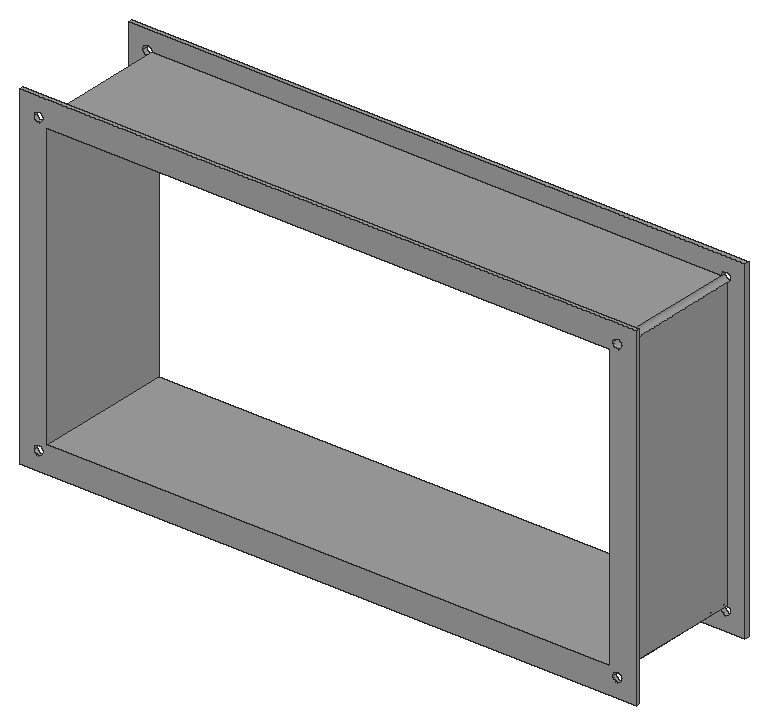
Revit family "Гибкая вставка В", category Оборудование, Revit 2022
Family settings
  Размер круглого соединителя = Использовать диаметр
  Тип детали = Нормальный
  На основе рабочей плоскости = Нет
  Всегда вертикально = Нет
  При загрузке вырезать с полостями = Нет
  Сохранять ориентацию аннотаций = Нет
  Общий = Нет
  Точка принадлежности помещению = Нет
Parameters (values of type "В 60-30")
  Середина [instance] = Б / 2  # 180 mm
  Отметка по умолчанию = 0 mm
  Изготовитель = "WAER"  # constant formula
  Д1 = Д - 20 mm  # 130 mm
  Д = 150 mm  # constant formula
  Б3 = 300 mm
  Б2 = Б3 + 4 mm  # 304 mm
  Б1 = Б3 + 20 mm  # 320 mm
  А3 = 600 mm
  А2 = А3 + 4 mm  # 604 mm
  А1 = А3 + 20 mm  # 620 mm
  А = А3 + 60 mm  # 660 mm
  Б = Б3 + 60 mm  # 360 mm
  Keynote = ""
  URL = "https://waer-air.com/"
  ADSK_Система_Имя [instance] = ""
  ADSK_Расход воздуха = 0.0 m³/s
  ADSK_Примечание [instance] = ""
  ADSK_Потеря давления воздуха = 0.0 Pa
  ADSK_Позиция [instance] = ""
  ADSK_Обозначение = "В 60-30"
  ADSK_Наименование = "Гибкая вставка В 60-30"
  ADSK_Масса = 3.7
  ADSK_Марка = ""
  ADSK_Код изделия = ""
  ADSK_Завод-изготовитель = "WAER"  # constant formula
  ADSK_Единица измерения = "шт."  # constant formula
Types (9, lengths in mm): name | Середина | Б3 | Б2 | Б1 | А3 | А2 | А1 | А | Б | ADSK_Обозначение | ADSK_Наименование | ADSK_Масса
  В 40-20 | 130 | 200 | 204 | 220 | 400 | 404 | 420 | 460 | 260 | "В 40-20" | "Гибкая вставка В 40-20" | 1.8
  В 50-20 | 130 | 200 | 204 | 220 | 500 | 504 | 520 | 560 | 260 | "В 50-20" | "Гибкая вставка В 50-20" | 2.1
  В 50-25 | 155 | 250 | 254 | 270 | 500 | 504 | 520 | 560 | 310 | "В 50-25" | "Гибкая вставка В 50-25" | 2.2
  В 60-30 | 180 | 300 | 304 | 320 | 600 | 604 | 620 | 660 | 360 | "В 60-30" | "Гибкая вставка В 60-30" | 3.7
  В 60-35 | 205 | 350 | 354 | 370 | 600 | 604 | 620 | 660 | 410 | "В 60-35" | "Гибкая вставка В 60-35" | 3.8
  В 70-40 | 230 | 400 | 404 | 420 | 700 | 704 | 720 | 760 | 460 | "В 70-40" | "Гибкая вставка В 70-40" | 4.3
  В 80-50 | 280 | 500 | 504 | 520 | 800 | 804 | 820 | 860 | 560 | "В 80-50" | "Гибкая вставка В 80-50" | 5
  В 90-50 | 280 | 500 | 504 | 520 | 900 | 904 | 920 | 960 | 560 | "В 90-50" | "Гибкая вставка В 90-50" | 5.4
  В 100-50 | 280 | 500 | 504 | 520 | 1000 | 1004 | 1020 | 1060 | 560 | "В 100-50" | "Гибкая вставка В 100-50" | 5.7
Reference planes
  plane 1 "По центру (Вперед/Назад)": y = 0
  plane 2: z = 0
  plane 3 "По центру (Влево/Вправо)": x = 0
  plane 4: x = -330
  plane 5: x = 330
  plane 6: y = -75
  plane 7: y = 75
  plane 8: z = 180
  plane 9: z = 160
  plane 10: z = -160
  plane 11: x = -310
  plane 12: x = 310
  plane 13: z = 152
  plane 14: z = -152
  plane 15: x = 302
  plane 16: x = -302
  plane 17: z = -180
  plane 18: y = 70.795
  plane 19: y = -71.205
Forms (mm)
  Extrusion 1, solid, material "Винил_Вент"
    sketch origin (0, 0, 0) x (1, 0, 0) y (0, 1, 0)
      loop
        line (-330, 75) -> (-330, -75) -> (330, -75) -> (330, 75) -> (-330, 75)
    from -180 to 180
  Extrusion 2, void
    sketch origin (0, 0, 0) x (1, 0, 0) y (0, 0, 1)
      loop
        line (-302, 152) -> (-302, -152) -> (302, -152) -> (302, 152) -> (-302, 152)
    from -75 to 75
  Sweep 3, void, detail levels fine
    path in 3D
      loop
        line (330, -75, 180) -> (330, -75, -180) -> (-330, -75, -180) -> (-330, -75, 180) -> (330, -75, 180)
    profile origin (0, -75, 180) x (0, 1, 0) y (0, 0, 1)
      loop
        line (3.795, -20) -> (145.795, -20) -> (145.795, 0) -> (3.795, 0) -> (3.795, -20)
  Extrusion 4, void
    sketch origin (0, 0, 0) x (1, 0, 0) y (0, 0, 1)
      loop
        circle (-310, 160) r 5
      loop
        circle (310, 160) r 5
      loop
        circle (310, -160) r 5
      loop
        circle (-310, -160) r 5
    from -75 to 75
Cuts and joins
  Extrusion 2, Sweep 3, Extrusion 4 cuts Extrusion 1
Lines and regions (mm)
  sketch lines
    curve 1: line (-330, -75, 180) -> (330, -75, 180)
    curve 2: line (330, -75, 180) -> (330, -75, -180)
    curve 3: line (-330, -75, 180) -> (-330, -75, -180)
    curve 4: line (330, -75, -180) -> (-330, -75, -180)
  model lines, not visible
    curve 5: line (-330, -75, 0) -> (-330, 75, 0)
    curve 6: line (330, 75, 0) -> (330, -75, 0)
Dimensions and locks
  equal spacing: plane 6, plane 1 "По центру (Вперед/Назад)", plane 7
  "Д": plane 6 to plane 7
  equal spacing: plane 4, plane 3 "По центру (Влево/Вправо)", plane 5
  "А": plane 4 to plane 5
  "Б": plane 8 to plane 17
  "Б1": plane 9 to plane 10
  equal spacing: plane 12, plane 3 "По центру (Влево/Вправо)", plane 11
  "А1": plane 12 to plane 11
  plane 7 to plane 6 = 150 mm
  equal spacing: plane 9, level, plane 10
  equal spacing: plane 8, level, plane 17
  locked: plane 18 to plane 7 at 4.205
  locked: plane 19 to plane 6 at 3.795
  "А2": plane 15 to plane 16
  equal spacing: plane 15, plane 3 "По центру (Влево/Вправо)", plane 16
  equal spacing: plane 13, level, plane 14
  "Б2": plane 13 to plane 14
  aligned and locked: level to plane 2
  aligned and locked: Extrusion 1 to plane 4
  aligned and locked: plane 5 to Extrusion 1
  aligned and locked: Extrusion 1 to plane 7
  aligned and locked: plane 6 to Extrusion 1
  aligned and locked: plane 8 to Extrusion 1
  aligned and locked: plane 13 to cut or joined group of Extrusion 1, Extrusion 2, Sweep 3, Extrusion 4
  aligned and locked: cut or joined group of Extrusion 1, Extrusion 2, Sweep 3, Extrusion 4 to plane 15
  aligned and locked: cut or joined group of Extrusion 1, Extrusion 2, Sweep 3, Extrusion 4 to plane 14
  aligned and locked: cut or joined group of Extrusion 1, Extrusion 2, Sweep 3, Extrusion 4 to plane 16
  aligned and locked: plane 6 to cut or joined group of Extrusion 1, Extrusion 2, Sweep 3, Extrusion 4
  aligned and locked: cut or joined group of Extrusion 1, Extrusion 2, Sweep 3, Extrusion 4 to plane 7
  aligned and locked: plane 6 to Extrusion 4
  aligned and locked: Extrusion 4 to plane 7
  aligned and locked: curve 6 to cut or joined group of Extrusion 1, Extrusion 2, Sweep 3, Extrusion 4
  aligned and locked: cut or joined group of Extrusion 1, Extrusion 2, Sweep 3, Extrusion 4 to plane 17
  aligned and locked: Sweep 3 sketch curve to plane 18
  aligned and locked: Sweep 3 sketch curve to plane 19
Automatic sketch dimensions
  Extrusion 4 sketch curve to plane 10 = 0 mm  (x2)
  Extrusion 4 sketch curve to plane 11 = 0 mm  (x2)
  Extrusion 4 sketch curve to plane 9 = 0 mm  (x2)
  Extrusion 4 sketch curve to plane 12 = 0 mm  (x2)
  Extrusion 1 sketch curve to plane 4 = 0 mm
  Extrusion 1 sketch curve to plane 5 = 0 mm
  Extrusion 1 sketch curve to plane 6 = 0 mm
  Extrusion 1 sketch curve to plane 7 = 0 mm
  Extrusion 2 sketch curve to plane 14 = 0 mm
  Extrusion 2 sketch curve to plane 16 = 0 mm
  Extrusion 2 sketch curve to plane 15 = 0 mm
  Extrusion 2 sketch curve to plane 13 = 0 mm
  curve 5 to plane 7 = 0 mm
  plane 7 to curve 6 = 0 mm
  curve 5 to plane 4 = 0 mm
  plane 6 to curve 6 = 0 mm
  curve 5 to plane 6 = 0 mm
  Sweep 3 sketch curve to profile plane = 0 mm
  Sweep 3 sketch curve to Sweep 3 sketch curve = 20 mm
  radius of Extrusion 4 sketch curve = 5 mm  (x4)
Connectors
  hvac at (0, -75, 0), driven by "Б3", driven by "А3"
    settings: on cut or joined group of Extrusion 1, Extrusion 2, Sweep 3, Extrusion 4, index 1, duct flow 0.0 m³/s, flow factor 0, pres drop 0.0 Pa, loss coef 0, conn angle 0.00°, conn width 600 mm, conn height 300 mm, conn diameter 609.6 mm, duct sys type 29, conn prof type 1, flow config 2, flow direction 0, loss method 0, conn ref index 2, conn util no, is conn primary yes, conn desc ""
  hvac at (0, 75, 0), driven by "Б3", driven by "А3"
    settings: on cut or joined group of Extrusion 1, Extrusion 2, Sweep 3, Extrusion 4, index 2, duct flow 0.0 m³/s, flow factor 0, pres drop 0.0 Pa, loss coef 0, conn angle 0.00°, conn width 600 mm, conn height 300 mm, conn diameter 609.6 mm, duct sys type 29, conn prof type 1, flow config 2, flow direction 0, loss method 0, conn ref index 1, conn util no, is conn primary no, conn desc ""
